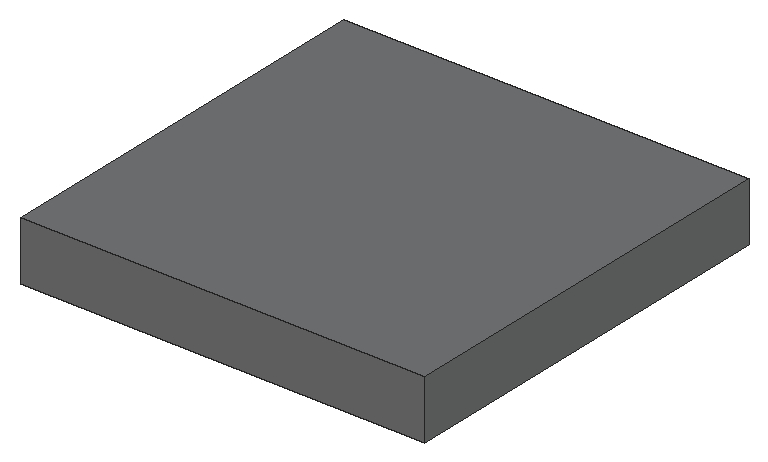
Revit family "Gira_087603", category Electrical Fixtures, host Face, Revit 2017
Family settings
  Host = Face
  Maintain Annotation Orientation = No
  Round Connector Dimension = Use Diameter
  Part Type = Normal
  Cut with Voids When Loaded = No
  Shared = No
  Room Calculation Point = No
Parameters (values of type "Cov. in.sp. TAE USB System 55 p.white")
  URL = "http://katalog.gira.de/en/datenblatt.html?artikelnr=087603"
  Transparent = "No"
  Name = "Cov. in.sp. TAE USB System 55 p.white"
  Manufacturer URL = "https://www.gira.de/"
  Manufacturer = "Gira"
  Keynote = ""
  HeinzeBIM = "https://bimportal.heinze.de/bim/cov-in-sp-tae-usb-system-55-p-white/a2a8da6b71709acd284bcee93f1a5f59abd2739c"
  HAN = "087603"
  GTIN = "4010337876038"
  Description = "Cov.in.sp.TAE USB Sys55 PW,Cover for USB data interface,with inscription space,pure white glossy,Notes :,- Suitable for USB power supply.,- Suitable for USB data interface."
  Default Elevation = 1219.2 mm
  Data sheet (1) = "https://katalog.gira.de/en/download.html?artikelnr=087603"
  Category = "Insert/cover for communication technology"
  BIM (1) = "https://media.stage.bim.site/public/gira/36a6b08/Sys55_Abdeckung_Schalten und Tasten.rfa?public/gira/36a6b08/Sys55_Abdeckung_Schalten und Tasten.rfa"
  Available = "No"
  Anthrazit [instance] = Anthrazit
Reference planes
  plane 1 "Center (Front/Back)": y = 0
  plane 2: z = 0
  plane 3 "Center (Left/Right)": x = 0
Forms (mm)
  Extrusion 1, solid, material "Anthrazit" <- "Anthrazit", detail levels fine
    sketch origin (0, 0, 0) x (1, 0, 0) y (0, 1, 0)
      loop
        line (-27.5, 27.5) -> (-27.5, -27.5) -> (27.5, -27.5) -> (27.5, 27.5) -> (-27.5, 27.5)
    from 0 to 8
  Extrusion 2, void
    sketch origin (0, 0, 0) x (1, 0, 0) y (0, 1, 0)
      loop
        line (26, 26) -> (-26, 26) -> (-26, -26) -> (26, -26) -> (26, 26)
    from 0 to 6
  Extrusion 3, solid, material "Anthrazit" <- "Anthrazit", detail levels medium
    sketch origin (0, 0, 0) x (1, 0, 0) y (0, 1, 0)
      loop
        line (-27.5, 27.5) -> (-27.5, -27.5) -> (27.5, -27.5) -> (27.5, 27.5) -> (-27.5, 27.5)
    from 0 to 8
  Extrusion 4, solid, material "Anthrazit" <- "Anthrazit", detail levels medium
    sketch origin (0, 0, 0) x (1, 0, 0) y (0, 1, 0)
      loop
        line (11, -17.5) -> (11, 17.5) -> (-11, 17.5) -> (-11, -17.5) -> (11, -17.5)
    from -6 to 6
  Extrusion 5, solid, material "Anthrazit" <- "Anthrazit", detail levels fine
    sketch origin (0, 0, 0) x (1, 0, 0) y (0, 1, 0)
      loop
        line (11, 17.5) -> (-11, 17.5) -> (-11, 16.5) -> (11, 16.5) -> (11, 17.5)
      loop
        line (-11, -16.5) -> (-11, -17.5) -> (11, -17.5) -> (11, -16.5) -> (-11, -16.5)
    from -4 to 6
  Extrusion 6, solid, material "Anthrazit" <- "Anthrazit", detail levels fine
    sketch origin (0, 0, 0) x (1, 0, 0) y (0, 1, 0)
      loop
        arc (5, 9.347) -> (0, 10.6) -> (-5, 9.347) r 10.6
        line (-5, 9.347) -> (-5, -9.347)
        arc (-5, -9.347) -> (0, -10.6) -> (5, -9.347) r 10.6
        line (5, -9.347) -> (5, 9.347)
    from -6 to 6
  Extrusion 7, solid, material "Anthrazit" <- "Anthrazit", detail levels coarse
    sketch origin (0, 0, 0) x (1, 0, 0) y (0, 1, 0)
      loop
        line (-27.5, 27.5) -> (-27.5, -27.5) -> (27.5, -27.5) -> (27.5, 27.5) -> (-27.5, 27.5)
    from -6 to 8
Cuts and joins
  Extrusion 2 cuts Extrusion 1
Dimensions and locks
  aligned and locked: plane 2 to host face
  aligned and locked: level to host face
